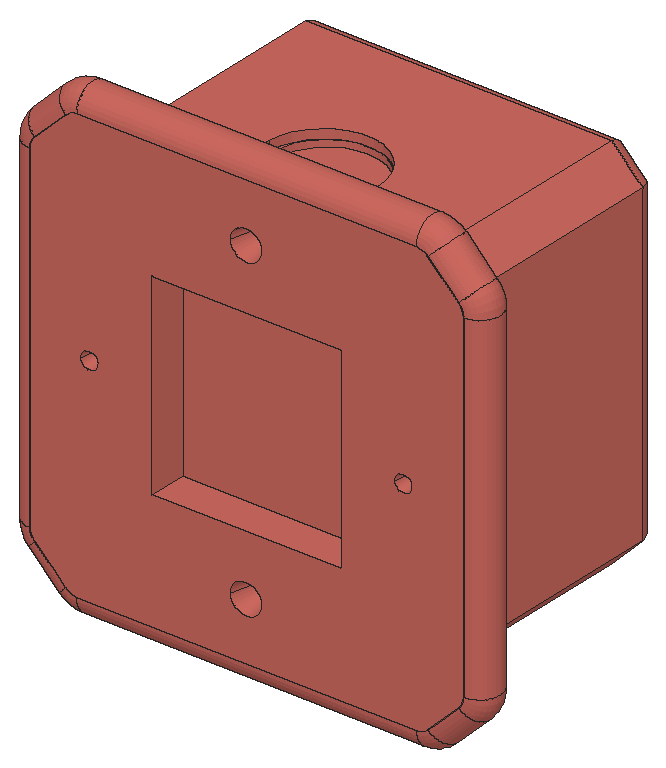
Revit family "Sirene Audiovisual SAVQE ILUMAC", category Dispositivos de alarme de incêndio, Revit 2022
Family settings
  Cota do conector redondo = Utilizar diâmetro
  Tipo de parte = Normal
  Número OmniClass = 23.75.00.00
  Título OmniClass = Climate Control (HVAC)
  Com base no plano de trabalho = Não
  Sempre na vertical = Sim
  Corte com vazios quando carregada = Não
  Manter orientação da anotação = Não
  Compartilhado = Não
  Ponto de cálculo do ambiente = Não
Parameters (values of type "SAVQE-G - SOBREPOR")
  Umidade relativa = "0 à 95% (sem condensação)"
  Tensão nominal = "24Vcc"
  Tensão de operação = "20 à 30Vcc"
  Temperatura de operação = "-5 à 55ºC"
  Sinalização visual = "4 leds | Pisca na cor vermelha"
  Sinalização sonora = "103dB @ 1m – bitonal"
  Secção máxima do cabo = "2,5mm²"
  Protocolo de comunicação = "CYGNUS (proprietário)"
  Peso = "200g"
  Normas técnicas aplicáveis = "NBR 17240 | ISO 7240-3 | ISO 7240-23"
  Modelo = "SAVQE-G – SOBREPOR"
  Material da caixa = "Caixa plástica ABS na cor vermelho"
  Grau de proteção = "IP20 (uso interno)"
  Fixação = "Sobrepor c/ entrada superior/inferior para tubo 3/4“"
  Família desenvolvida por = "BIMPREV | @bimprev | suporte@bimprev.com"
  Fabricante = "ILUMAC"
  Esc. Símbolo - 1/50-75 [instance] = yes
  Esc. Símbolo - 1/100-200 [instance] = yes
  Endereços utilizados = "1 endereço"
  Endereços programáveis = "001 a 125 (por laço)"
  Elevação padrão = 0 mm
  Dimensões (AxLxP) = "90x90x65mm"
  Descrição = "Sirene Audiovisual Endereçável Cygnus SAVQE-G de sobrepor"
  Código do Produto = "007038"
  Consumo do laço endereçável = ""
  Consumo da fonte auxiliar ou V+ = "20mA em alarme"
  Consumo = "300uA em supervisão | 1.2mA em alarme"
  Adaptador ADAPT-Q (com/sem) = yes
Types (4, lengths in mm): name | Tensão de operação | Protocolo de comunicação | Modelo | Fixação | Descrição | Código do Produto | Consumo do laço endereçável | Consumo | Adaptador ADAPT-Q (com/sem)
  SAVQE-D – SOBREPOR | "18 à 30Vcc" | "ALF-1000-2 (proprietário)" | "SAVQE-D – SOBREPOR" | "Sobrepor c/ entrada superior/inferior para tubo 3/4“" | "Sirene Audiovisual Endereçável Sirius SAVQE-D de sobrepor" | "0040261" | "300uA em supervisão | 1.2mA em alarme" | "" | no
  SAVQE-D – EMBUTIR | "18 à 30Vcc" | "ALF-1000-2 (proprietário)" | "SAVQE-D – EMBUTIR" | "Embutido c/ o uso do acessório ADAPT-Q" | "Sirene Audiovisual Endereçável Sirius SAVQE-D de embutir" | "0040262" | "300uA em supervisão | 1.2mA em alarme" | "" | yes
  SAVQE-G - EMBUTIR | "20 à 30Vcc" | "CYGNUS (proprietário)" | "SAVQE-G – EMBUTIR" | "Embutido c/ o uso do acessório ADAPT-Q" | "Sirene Audiovisual Endereçável Cygnus SAVQE-G de embutir" | "007039" | "" | "300uA em supervisão | 1.2mA em alarme" | yes
  SAVQE-G - SOBREPOR | "20 à 30Vcc" | "CYGNUS (proprietário)" | "SAVQE-G – SOBREPOR" | "Sobrepor c/ entrada superior/inferior para tubo 3/4“" | "Sirene Audiovisual Endereçável Cygnus SAVQE-G de sobrepor" | "007038" | "" | "300uA em supervisão | 1.2mA em alarme" | yes
Reference planes
  plane 1 "Centro (Frente/Trás)": y = 0
  plane 2: z = 0
  plane 3 "Centro (Esquerda/Direita)": x = 0
  plane 4: y = 14.353
Forms (mm)
  Extrusion 1, void
    sketch origin (-38.044, 0, 1.384) x (-1, 0, 0) y (0, -1, 0)
      loop
        line (-24.544, 0) -> (-51.544, 0) -> (-51.544, -14.013)
        arc (-51.544, -14.013) -> (-38.044, -27.513) -> (-24.544, -14.013) r 13.5
        line (-24.544, -14.013) -> (-24.544, 0)
    from -0.414 to 0.677
  Extrusion 2, void
    sketch origin (38.018, -0.563, 91.384) x (0, -1, 0) y (-1, 0, 0)
      loop
        line (0, 24.518) -> (0, 51.518) -> (-14.211, 51.518)
        arc (-14.211, 51.518) -> (-27.416, 38.018) -> (-14.211, 24.518) r 13.503
        line (-14.211, 24.518) -> (0, 24.518)
    from -1.476 to 0.727
  Extrusion 3, solid, material "Laminado, Branco", detail levels fine
    sketch origin (-14.559, 59.437, -0.179) x (1, 0, 0) y (0, 0, -1)
      loop
        line (53.048, -55.563) -> (51.278, -55.563) -> (51.278, -58.76) -> (47.634, -58.76) -> (47.634, -60.173) -> (51.278, -60.173) -> (51.278, -61.151) -> (47.634, -61.151) -> (47.634, -62.733) -> (53.048, -62.733) -> (53.048, -55.563)
      loop
        circle (50.732, -49.978) r 3.585
      loop
        circle (50.732, -49.978) r 2.496
      loop
        circle (50.732, -31.638) r 3.585
      loop
        circle (50.732, -31.638) r 2.496
      loop
        arc (47.425, -42.193) -> (53.716, -42.794) -> (50.732, -37.223) r 3.585
        spline (50.732, -37.223) -> (50.365, -37.229) -> (50.018, -37.248) -> (49.691, -37.278) -> (49.384, -37.321) -> (49.096, -37.376) -> (48.828, -37.442) -> (48.58, -37.522) -> (48.351, -37.613) -> (48.143, -37.716) -> (47.953, -37.832) -> (47.784, -37.96) -> (47.634, -38.1)
        line (47.634, -38.1) -> (47.634, -40.808) -> (49.965, -40.808) -> (49.965, -39.809)
        spline (49.965, -39.809) -> (49.702, -39.814) -> (49.474, -39.803) -> (49.279, -39.776) -> (49.119, -39.732) -> (48.993, -39.671) -> (48.901, -39.594) -> (48.842, -39.501) -> (48.819, -39.39) -> (48.829, -39.263) -> (48.873, -39.12) -> (48.951, -38.96) -> (49.064, -38.783)
        line (49.064, -38.783) -> (50.551, -38.319)
        arc (50.551, -38.319) -> (52.43, -41.639) -> (48.655, -42.193) r 2.312
        line (48.655, -42.193) -> (47.425, -42.193)
      loop
        line (-18.864, -55.563) -> (-20.634, -55.563) -> (-20.634, -58.76) -> (-24.277, -58.76) -> (-24.277, -60.173) -> (-20.634, -60.173) -> (-20.634, -61.151) -> (-24.277, -61.151) -> (-24.277, -62.733) -> (-18.864, -62.733) -> (-18.864, -55.563)
      loop
        circle (-21.18, -49.978) r 3.585
      loop
        circle (-21.18, -49.978) r 2.496
      loop
        circle (-21.18, -31.638) r 3.585
      loop
        circle (-21.18, -31.638) r 2.496
      loop
        arc (-24.487, -42.193) -> (-18.195, -42.794) -> (-21.18, -37.223) r 3.585
        spline (-21.18, -37.223) -> (-21.547, -37.229) -> (-21.894, -37.248) -> (-22.221, -37.278) -> (-22.528, -37.321) -> (-22.816, -37.376) -> (-23.084, -37.442) -> (-23.332, -37.522) -> (-23.56, -37.613) -> (-23.769, -37.716) -> (-23.958, -37.832) -> (-24.128, -37.96) -> (-24.277, -38.1)
        line (-24.277, -38.1) -> (-24.277, -40.808) -> (-21.947, -40.808) -> (-21.947, -39.809)
        spline (-21.947, -39.809) -> (-22.21, -39.814) -> (-22.438, -39.803) -> (-22.633, -39.776) -> (-22.793, -39.732) -> (-22.919, -39.671) -> (-23.011, -39.594) -> (-23.069, -39.501) -> (-23.093, -39.39) -> (-23.083, -39.263) -> (-23.039, -39.12) -> (-22.961, -38.96) -> (-22.848, -38.783)
        line (-22.848, -38.783) -> (-21.361, -38.319)
        arc (-21.361, -38.319) -> (-19.482, -41.639) -> (-23.256, -42.193) r 2.312
        line (-23.256, -42.193) -> (-24.487, -42.193)
    from 0 to 1
  Extrusion 4, solid, material "Laminado, Branco", detail levels fine
    sketch origin (-0.313, 61.437, 54.83) x (0, 0, -1) y (-1, 0, 0)
      loop
        spline (-10.835, -10.668) -> (-7.618, -11.531) -> (-4.563, -12.027) -> (-1.664, -12.173) -> (1.084, -11.985) -> (3.683, -11.479) -> (6.14, -10.672) -> (8.459, -9.579) -> (10.645, -8.217) -> (12.701, -6.603) -> (14.633, -4.751) -> (16.446, -2.679) -> (18.143, -0.403)
        spline (18.143, -0.403) -> (16.45, 1.867) -> (14.642, 3.934) -> (12.715, 5.78) -> (10.664, 7.391) -> (8.484, 8.749) -> (6.172, 9.839) -> (3.721, 10.644) -> (1.128, 11.149) -> (-1.612, 11.336) -> (-4.504, 11.191) -> (-7.551, 10.696) -> (-10.76, 9.836)
        spline (-10.76, 9.836) -> (-10.897, 8.127) -> (-11.011, 6.418) -> (-11.101, 4.71) -> (-11.167, 3.001) -> (-11.209, 1.292) -> (-11.227, -0.416) -> (-11.222, -2.125) -> (-11.192, -3.834) -> (-11.139, -5.542) -> (-11.061, -7.251) -> (-10.96, -8.959) -> (-10.835, -10.668)
      loop
        circle (-4.732, 0.384) r 4.161
      loop
        circle (-4.654, 0.384) r 3.307
      loop
        spline (-9.584, -9.744) -> (-6.603, -10.562) -> (-3.789, -11.035) -> (-1.136, -11.184) -> (1.367, -11.028) -> (3.728, -10.584) -> (5.957, -9.867) -> (8.064, -8.888) -> (10.058, -7.658) -> (11.949, -6.189) -> (13.739, -4.493) -> (15.43, -2.583) -> (17.025, -0.47)
        spline (17.025, -0.47) -> (15.406, 1.578) -> (13.695, 3.431) -> (11.889, 5.078) -> (9.988, 6.508) -> (7.988, 7.709) -> (5.88, 8.671) -> (3.656, 9.384) -> (1.306, 9.837) -> (-1.178, 10.018) -> (-3.805, 9.911) -> (-6.581, 9.498) -> (-9.516, 8.762)
        spline (-9.516, 8.762) -> (-9.64, 7.22) -> (-9.743, 5.678) -> (-9.824, 4.136) -> (-9.883, 2.594) -> (-9.921, 1.051) -> (-9.938, -0.491) -> (-9.932, -2.033) -> (-9.906, -3.575) -> (-9.858, -5.117) -> (-9.788, -6.659) -> (-9.697, -8.201) -> (-9.584, -9.744)
      loop
        line (-0.652, 6.725) -> (-1.206, 4.912) -> (-0.002, 4.589) -> (-0.002, -5.556)
        spline (-0.002, -5.556) -> (0.713, -5.041) -> (1.222, -4.85) -> (1.615, -4.805) -> (2.076, -4.835) -> (2.701, -4.9) -> (3.464, -5.009) -> (4.325, -5.176) -> (5.25, -5.406) -> (6.249, -5.648) -> (7.359, -5.812) -> (8.613, -5.811) -> (10.048, -5.556)
        spline (10.048, -5.556) -> (10.562, -5.39) -> (11.069, -5.17) -> (11.567, -4.899) -> (12.057, -4.577) -> (12.538, -4.207) -> (13.01, -3.789) -> (13.471, -3.326) -> (13.922, -2.819) -> (14.361, -2.27) -> (14.788, -1.68) -> (15.204, -1.05) -> (15.606, -0.383)
        spline (15.606, -0.383) -> (14.678, 0.998) -> (13.685, 2.255) -> (12.626, 3.383) -> (11.499, 4.375) -> (10.303, 5.226) -> (9.031, 5.93) -> (7.674, 6.483) -> (6.225, 6.879) -> (4.675, 7.113) -> (3.017, 7.173) -> (1.244, 7.048) -> (-0.652, 6.725)
      loop
        spline (1.469, -3.781) -> (2.345, -3.697) -> (3.147, -3.727) -> (3.874, -3.834) -> (4.525, -3.981) -> (5.107, -4.138) -> (5.643, -4.296) -> (6.164, -4.446) -> (6.695, -4.582) -> (7.271, -4.692) -> (7.951, -4.752) -> (8.802, -4.728) -> (9.894, -4.59)
        spline (9.894, -4.59) -> (10.122, -4.585) -> (10.339, -4.558) -> (10.545, -4.509) -> (10.74, -4.438) -> (10.925, -4.345) -> (11.098, -4.229) -> (11.261, -4.091) -> (11.413, -3.931) -> (11.554, -3.749) -> (11.684, -3.545) -> (11.803, -3.318) -> (11.911, -3.069)
        line (11.911, -3.069) -> (11.778, 2.929)
        arc (11.778, 2.929) -> (10.568, 3.311) -> (9.947, 2.203) r 1.006
        arc (9.947, 2.203) -> (8.779, 1.555) -> (7.445, 1.493) r 2.929
        line (7.445, 1.493) -> (2.711, 2.369)
        arc (2.711, 2.369) -> (1.848, 2.144) -> (1.469, 1.336) r 1.051
        line (1.469, 1.336) -> (1.469, -3.781)
    from 0 to 1
  Extrusion 5, solid, material "vidro vermelho", detail levels fine
    sketch origin (29.831, 145.344, 6.607) x (0, 1, 0) y (0, 0, -1)
      loop
        line (-100.417, -17.113) -> (-83.567, -17.113) -> (-77.609, -9.352)
        arc (-77.609, -9.352) -> (-76.65, -6.511) -> (-77.94, -3.804) r 3.99
        line (-77.94, -3.804) -> (-85.369, 2.431)
        arc (-85.369, 2.431) -> (-88.888, 5.501) -> (-93.424, 6.607) r 9.858
        line (-93.424, 6.607) -> (-100.417, 6.607) -> (-100.417, -17.113)
    from -1.893 to 61.925
  Extrusion 6, void
    sketch origin (0, 54.815, 46.384) x (-1, 0, 0) y (0, 0, -1)
      loop
        line (-29.831, 25.98) -> (30.114, 25.98) -> (30.114, 46.384) -> (-29.831, 46.384) -> (-29.831, 25.98)
    from 0 to 17.341
  Sweep 7, solid, material "ABS PLASTICO", detail levels fine
    path origin (-0.006, 60, 47.915) x (1, 0, 0) y (0, 0, -1)
      loop
        line (37.012, 47) -> (-37, 47) -> (-45, 39) -> (-45, -37) -> (-37, -45) -> (37.012, -45) -> (44.642, -37.37) -> (44.642, 39.37) -> (37.012, 47)
    profile origin (0, 60, 0.914) x (0, 0, 1) y (0, 1, 0)
      loop
        line (12.912, -0.563) -> (6.245, -0.563)
        arc (6.245, -0.563) -> (2.205, -2.033) -> (0.055, -5.756) r 6.285
        line (0.055, -5.756) -> (0.055, -60) -> (12.912, -60) -> (12.912, -0.563)
  Sweep 8, solid, material "ABS PLASTICO", detail levels fine
    path origin (-0.006, 60, 47.915) x (1, 0, 0) y (0, 0, -1)
      loop
        line (-25.765, -22.088) -> (25.777, -22.088) -> (25.777, 15.853) -> (-25.765, 15.853) -> (-25.765, -22.088)
    profile origin (0, 60, 70.003) x (0, 0, -1) y (0, 1, 0)
      loop
        line (5.055, 0.8) -> (3.055, 0.8)
        arc (3.055, 0.8) -> (0.934, -0.079) -> (0.055, -2.2) r 3
        line (0.055, -2.2) -> (0.055, -3.611)
        arc (0.055, -3.611) -> (0.934, -5.732) -> (3.055, -6.611) r 3
        line (3.055, -6.611) -> (5.055, -6.611) -> (5.055, 0.8)
  Extrusion 9, void
    sketch origin (-20.716, 53.389, 64.948) x (-1, 0, 0) y (0, 0, 1)
      loop
        line (5, 5) -> (2, 5)
        arc (2, 5) -> (4.121, 4.121) -> (5, 2) r 3
        line (5, 2) -> (5, 5)
      loop
        line (-46.432, 5) -> (-46.432, 2)
        arc (-46.432, 2) -> (-45.553, 4.121) -> (-43.432, 5) r 3
        line (-43.432, 5) -> (-46.432, 5)
      loop
        line (5, -32.83) -> (5, -29.83)
        arc (5, -29.83) -> (4.121, -31.952) -> (2, -32.83) r 3
        line (2, -32.83) -> (5, -32.83)
      loop
        line (-46.432, -32.83) -> (-43.432, -32.83)
        arc (-43.432, -32.83) -> (-45.553, -31.952) -> (-46.432, -29.83) r 3
        line (-46.432, -29.83) -> (-46.432, -32.83)
    from -2.393 to 10
  Extrusion 10, solid, material "ABS PLASTICO", detail levels fine
    sketch origin (-20.716, 53.389, 64.948) x (1, 0, 0) y (0, 0, 1)
      loop
        line (41.432, 0) -> (0, 0) -> (0, -27.83) -> (41.432, -27.83) -> (41.432, 0)
    from -7.41 to 0
  Sweep 11, solid, material "ABS PLASTICO", detail levels fine
    path origin (-0.006, 58.637, 47.915) x (1, 0, 0) y (0, 0, -1)
      loop
        line (-32.088, -28.088) -> (31.73, -28.088) -> (31.73, 21.811) -> (-32.088, 21.811) -> (-32.088, -28.088)
    profile origin (-0.185, 58.637, 76.003) x (0, 0, -1) y (0, 1, 0)
      loop
        line (0.055, -6.611) -> (4.116, -6.611) -> (4.116, -2.2)
        arc (4.116, -2.2) -> (3.237, -0.079) -> (1.116, 0.8) r 3
        line (1.116, 0.8) -> (0.055, 0.8) -> (0.055, -6.611)
  Extrusion 12, solid, material "ABS PLASTICO", detail levels fine
    sketch origin (-0.618, -0.563, 45.886) x (-1, 0, 0) y (0, 0, 1)
      loop
        line (-32.342, 34.116) -> (-32.342, -32.06) -> (31.476, -32.06) -> (31.476, 34.116) -> (-32.342, 34.116)
    from 0 to 52.59
  Extrusion 13, solid, material "ABS PLASTICO", detail levels fine
    sketch origin (-0.618, 52.027, 45.886) x (-1, 0, 0) y (0, 0, 1)
      loop
        line (-32.276, 34.116) -> (-32.276, 30.061) -> (31.476, 30.061) -> (31.476, 34.116) -> (-32.276, 34.116)
      loop
        line (-32.342, -19.728) -> (-32.342, -32.06) -> (-30.449, -32.06) -> (29.497, -32.06) -> (31.476, -32.06) -> (31.476, -19.728) -> (-32.342, -19.728)
    from 0 to 7.41
  Extrusion 14, void
    sketch origin (0, 0, 0) x (1, 0, 0) y (0, 1, 0)
      loop
        circle (0, 14.353) r 12.5
    from 89 to 90.656
  Extrusion 15, void
    sketch origin (0, 0, 93.829) x (0, -1, 0) y (1, 0, 0)
      loop
        circle (-14.353, 0) r 12.5
    from -91.769 to -90.847
Cuts and joins
  Extrusion 1, Extrusion 2, Extrusion 14, Extrusion 15 cuts Sweep 7
  Extrusion 14 cuts Extrusion 12
  Extrusion 9 cuts Sweep 8
Lines and regions (mm)
  model lines, style "INCÊNDIO", detail levels coarse+medium
    curve 1: line (68.18, 14.353, 0) -> (-68.18, 14.353, 0)
    curve 2: line (-68.18, 14.353, 0) -> (-38.078, 14.353, 82.705)
    curve 3: line (68.18, 14.353, 0) -> (38.078, 14.353, 82.705)
    curve 4: line (38.078, 14.353, 82.705) -> (-38.078, 14.353, 82.705)
    curve 5: line (41.263, 14.353, 51.352) -> (16.263, 14.353, 51.352)
    curve 6: line (41.263, 14.353, 26.352) -> (41.263, 14.353, 51.352)
    curve 7: line (16.263, 14.353, 26.352) -> (41.263, 14.353, 26.352)
    curve 8: line (16.263, 14.353, 51.352) -> (16.263, 14.353, 26.352)
    curve 9: line (16.263, 14.353, 38.852) -> (-5.387, 14.353, 51.352)
    curve 10: line (16.263, 14.353, 38.852) -> (-5.387, 14.353, 26.352)
    curve 11: line (-5.387, 14.353, 26.352) -> (-5.387, 14.353, 51.352)
    curve 12: line (-16.183, 14.353, 8.852) -> (-35.871, 14.353, 8.852)
    curve 13: line (-16.183, 14.353, 53.852) -> (-16.183, 14.353, 8.852)
    curve 14: line (-35.871, 14.353, 53.852) -> (-16.183, 14.353, 53.852)
    curve 15: line (-35.871, 14.353, 8.852) -> (-35.871, 14.353, 53.852)
    curve 16: circle (-26.027, 14.353, 63.696) r 9.844 normal (0, -1, 0)
  model lines, style "INCÊNDIO", not visible, detail levels coarse+medium
    curve 17: line (-71.469, 14.353, -38.852) -> (-207.829, 14.353, -38.852)
    curve 18: line (-207.829, 14.353, -38.852) -> (-177.727, 14.353, 43.852)
    curve 19: line (-71.469, 14.353, -38.852) -> (-101.571, 14.353, 43.852)
    curve 20: line (-101.571, 14.353, 43.852) -> (-177.727, 14.353, 43.852)
    curve 21: line (-98.386, 14.353, 12.5) -> (-123.386, 14.353, 12.5)
    curve 22: line (-98.386, 14.353, -12.5) -> (-98.386, 14.353, 12.5)
    curve 23: line (-123.386, 14.353, -12.5) -> (-98.386, 14.353, -12.5)
    curve 24: line (-123.386, 14.353, 12.5) -> (-123.386, 14.353, -12.5)
    curve 25: line (-123.386, 14.353, 0) -> (-145.037, 14.353, 12.5)
    curve 26: line (-123.386, 14.353, 0) -> (-145.037, 14.353, -12.5)
    curve 27: line (-145.037, 14.353, -12.5) -> (-145.037, 14.353, 12.5)
    curve 28: line (-155.832, 14.353, -30) -> (-175.52, 14.353, -30)
    curve 29: line (-155.832, 14.353, 15) -> (-155.832, 14.353, -30)
    curve 30: line (-175.52, 14.353, 15) -> (-155.832, 14.353, 15)
    curve 31: line (-175.52, 14.353, -30) -> (-175.52, 14.353, 15)
    curve 32: circle (-165.676, 14.353, 24.844) r 9.844 normal (0, -1, 0)
Dimensions and locks
  aligned and locked: level to plane 2
Nested families
  nested 1: "Anotação Avisador audiovisual 1-50" at (0, -0.563, 0), visible <- "Esc. Símbolo - 1/50-75", type "Anotação Avisador audiovisual 1-50", detail levels coarse+medium
    with Esc. Símbolo - 1/50~75 yes, Desloc. Frente 0 mm, Desloc. Esquerda 0 mm
  nested 2: "Anotação Avisador audiovisual 1-100" at (0, 0, 0), visible <- "Esc. Símbolo - 1/100-200", type "Anotação Avisador audiovisual 1-100", detail levels coarse+medium
    with Esc. Símbolo - 1/100~200 yes, Desloc. Frente 0 mm, Desloc. Esquerda 0.009 mm
  nested 3: "Adaptador ADAPT-Q" at (0, -10, -814.599), visible <- "Adaptador ADAPT-Q (com/sem)", type "ADAPT-Q", detail levels fine
Connectors
  cabletrayconduit at (0, 14.353, 2.982), diameter 25
    settings: on cut or joined group of Extrusion 1, Extrusion 2, Sweep 7, Extrusion 14, Extrusion 15, index 1, connector width 300 mm, connector height 300 mm, connector angle 0.00°, system type 32, placement type 0, profile type 0, connector reference index -1, is primary connector yes, connector utility param no, connector description ""
  cabletrayconduit at (0, 14.353, 89), diameter 25
    settings: on cut or joined group of Extrusion 1, Extrusion 2, Sweep 7, Extrusion 14, Extrusion 15, index 2, connector width 300 mm, connector height 300 mm, connector angle 0.00°, system type 32, placement type 0, profile type 0, connector reference index -1, is primary connector no, connector utility param no, connector description ""
Definition of nested family "Adaptador ADAPT-Q"
  Parameters (values of type "ADAPT-Q")
    Default Elevation = 0 mm
  Reference planes
    plane 1 "Centro (Frente/Trás)": y = 0
    plane 2: z = 0
    plane 3 "Centro (Esquerda/Direita)": x = 0
  Forms (mm)
    Sweep 1, solid
      path origin (1917.596, 10, 0) x (1, 0, 0) y (0, 0, 1)
        loop
          arc (-1958.794, 919.013) -> (-1962.18, 918.34) -> (-1965.05, 916.422) r 8.846
          line (-1965.05, 916.422) -> (-1972.505, 908.967)
          arc (-1972.505, 908.967) -> (-1974.423, 906.097) -> (-1975.096, 902.712) r 8.846
          line (-1975.096, 902.712) -> (-1975.096, 820.315)
          arc (-1975.096, 820.315) -> (-1974.423, 816.93) -> (-1972.505, 814.06) r 8.846
          line (-1972.505, 814.06) -> (-1965.05, 806.604)
          arc (-1965.05, 806.604) -> (-1962.18, 804.687) -> (-1958.794, 804.013) r 8.846
          line (-1958.794, 804.013) -> (-1876.398, 804.013)
          arc (-1876.398, 804.013) -> (-1873.012, 804.687) -> (-1870.142, 806.604) r 8.846
          line (-1870.142, 806.604) -> (-1862.687, 814.06)
          arc (-1862.687, 814.06) -> (-1860.769, 816.93) -> (-1860.096, 820.315) r 8.846
          line (-1860.096, 820.315) -> (-1860.096, 902.712)
          arc (-1860.096, 902.712) -> (-1860.769, 906.097) -> (-1862.687, 908.967) r 8.846
          line (-1862.687, 908.967) -> (-1870.142, 916.422)
          arc (-1870.142, 916.422) -> (-1873.012, 918.34) -> (-1876.398, 919.013) r 8.846
          line (-1876.398, 919.013) -> (-1958.794, 919.013)
      profile origin (0, 10, 919.013) x (0, 0, 1) y (0, -1, 0)
        loop
          arc (-4.988, 0) -> (0.012, 5) -> (-4.988, 10) r 5
          line (-4.988, 10) -> (-4.988, 0)
    Extrusion 2, solid
      sketch origin (1917.596, 10, 0) x (1, 0, 0) y (0, 0, 1)
        loop
          arc (-1865.084, 902.712) -> (-1865.378, 904.188) -> (-1866.214, 905.44) r 3.858
          line (-1866.214, 905.44) -> (-1873.67, 912.895)
          arc (-1873.67, 912.895) -> (-1874.921, 913.732) -> (-1876.398, 914.025) r 3.858
          line (-1876.398, 914.025) -> (-1958.794, 914.025)
          arc (-1958.794, 914.025) -> (-1960.271, 913.732) -> (-1961.523, 912.895) r 3.858
          line (-1961.523, 912.895) -> (-1968.978, 905.44)
          arc (-1968.978, 905.44) -> (-1969.814, 904.188) -> (-1970.108, 902.712) r 3.858
          line (-1970.108, 902.712) -> (-1970.108, 820.315)
          arc (-1970.108, 820.315) -> (-1969.814, 818.838) -> (-1968.978, 817.587) r 3.858
          line (-1968.978, 817.587) -> (-1961.523, 810.131)
          arc (-1961.523, 810.131) -> (-1960.271, 809.295) -> (-1958.794, 809.001) r 3.858
          line (-1958.794, 809.001) -> (-1876.398, 809.001)
          arc (-1876.398, 809.001) -> (-1874.921, 809.295) -> (-1873.67, 810.131) r 3.858
          line (-1873.67, 810.131) -> (-1866.214, 817.587)
          arc (-1866.214, 817.587) -> (-1865.378, 818.838) -> (-1865.084, 820.315) r 3.858
          line (-1865.084, 820.315) -> (-1865.084, 902.712)
      from 0 to 10
    Blend 3, void
      base sketch origin (1917.596, 10, 0) x (1, 0, 0) y (0, 0, 1)
        loop
          circle (-1917.63, 823.106) r 3.771
      top sketch origin (1917.596, 10, 0) x (1, 0, 0) y (0, 0, 1)
        loop
          circle (-1917.63, 823.106) r 1.604
      from 10 to 0
    Blend 4, void
      base sketch origin (1917.596, 10, 1723.027) x (1, 0, 0) y (0, 0, 1)
        loop
          circle (-1917.63, -823.106) r 3.771
      top sketch origin (1917.596, 10, 1723.027) x (1, 0, 0) y (0, 0, 1)
        loop
          circle (-1917.63, -823.106) r 1.604
      from 10 to 0
    Blend 5, void
      base sketch origin (1917.596, 10, 0) x (1, 0, 0) y (0, 0, 1)
        loop
          circle (-1879.565, 861.513) r 2.101
      top sketch origin (1917.596, 10, 0) x (1, 0, 0) y (0, 0, 1)
        loop
          circle (-1879.565, 861.513) r 0.817
      from 10 to 0
    Blend 6, void
      base sketch origin (-1917.596, 10, 0) x (-1, 0, 0) y (0, 0, -1)
        loop
          circle (-1879.565, -861.513) r 2.101
      top sketch origin (-1917.596, 10, 0) x (-1, 0, 0) y (0, 0, -1)
        loop
          circle (-1879.565, -861.513) r 0.817
      from 10 to 0
    Extrusion 7, void
      sketch origin (1917.596, 10, 0) x (1, 0, 0) y (0, 0, 1)
        loop
          line (-1894.6, 885.307) -> (-1940.592, 885.307) -> (-1940.592, 837.719) -> (-1894.6, 837.719) -> (-1894.6, 885.307)
      from 0 to 10
  Cuts and joins
    Blend 3, Blend 4, Blend 5, Blend 6, Extrusion 7 cuts Extrusion 2
    Blend 3 cuts Sweep 1
  Dimensions and locks
    aligned and locked: level to plane 2
Definition of nested family "Anotação Avisador audiovisual 1-50"
  Parameters (values of type "Anotação Avisador audiovisual 1-50")
    Esc. Símbolo - 1/50~75 [instance] = yes
    Desloc. Frente [instance] = 0 mm
    Desloc. Esquerda [instance] = 0 mm
  Reference planes
    plane 1: y = 0
    plane 2: x = 0
  Lines and regions (mm)
    Filled region 1, type "Região preenchida Incêndio"
      outline origin (0, 0, 0) x (1, 0, 0) y (0, 1, 0)
        loop
          line (1.585, 4.407) -> (1.585, 1.424) -> (2.768, 1.424) -> (2.768, 4.407) -> (1.585, 4.407)
    Filled region 2, type "Região preenchida Incêndio", not visible
      outline origin (0, 0, 0) x (1, 0, 0) y (0, 1, 0)
        loop
          line (1.897, 4.407) -> (1.897, 1.424) -> (3.081, 1.424) -> (3.081, 4.407) -> (1.897, 4.407)
    Masking region 1
      outline origin (0, 0, 0) x (1, 0, 0) y (0, 1, 0)
        loop
          line (-4.982, 0) -> (5.018, 0) -> (3.207, 7) -> (-3.207, 7) -> (-4.982, 0)
    detail lines
      curve 1: line (-4.982, 0, 0) -> (5.018, 0, 0)
      curve 2: line (-4.982, 0, 0) -> (-3.207, 7, 0)
      curve 3: line (5.018, 0, 0) -> (3.207, 7, 0)
      curve 4: line (-3.207, 7, 0) -> (3.207, 7, 0)
      curve 5: line (-2.968, 2.407, 0) -> (-2.968, 4.407, 0)
      curve 6: line (-2.968, 4.407, 0) -> (-0.968, 4.407, 0)
      curve 7: line (-0.968, 4.407, 0) -> (-0.968, 2.407, 0)
      curve 8: line (-0.968, 2.407, 0) -> (-2.968, 2.407, 0)
      curve 9: line (-0.968, 3.407, 0) -> (0.266, 4.407, 0)
      curve 10: line (0.266, 4.407, 0) -> (0.266, 2.407, 0)
      curve 11: line (0.266, 2.407, 0) -> (-0.968, 3.393, 0)
      curve 12: line (1.585, 1.424, 0) -> (2.768, 1.424, 0)
      curve 13: line (2.768, 1.424, 0) -> (2.768, 4.407, 0)
      curve 14: line (2.768, 4.407, 0) -> (1.585, 4.407, 0)
      curve 15: line (1.585, 4.407, 0) -> (1.585, 1.424, 0)
      curve 16: circle (2.163, 4.905, 0) r 0.5 normal (0, 0, 1)
    detail lines, not visible
      curve 17: line (0, 0.818, 0) -> (0, 0, 0)
      curve 18: line (-4.669, 0, 0) -> (5.331, 0, 0)
      curve 19: line (-4.669, 0, 0) -> (-2.894, 7, 0)
      curve 20: line (5.331, 0, 0) -> (3.519, 7, 0)
      curve 21: line (-2.894, 7, 0) -> (3.519, 7, 0)
      curve 22: line (-2.655, 2.407, 0) -> (-2.655, 4.407, 0)
      curve 23: line (-2.655, 4.407, 0) -> (-0.655, 4.407, 0)
      curve 24: line (-0.655, 4.407, 0) -> (-0.655, 2.407, 0)
      curve 25: line (-0.655, 2.407, 0) -> (-2.655, 2.407, 0)
      curve 26: line (-0.655, 3.407, 0) -> (0.579, 4.407, 0)
      curve 27: line (0.579, 4.407, 0) -> (0.579, 2.407, 0)
      curve 28: line (0.579, 2.407, 0) -> (-0.655, 3.393, 0)
      curve 29: line (1.897, 1.424, 0) -> (3.081, 1.424, 0)
      curve 30: line (3.081, 1.424, 0) -> (3.081, 4.407, 0)
      curve 31: line (3.081, 4.407, 0) -> (1.897, 4.407, 0)
      curve 32: line (1.897, 4.407, 0) -> (1.897, 1.424, 0)
      curve 33: circle (2.476, 4.905, 0) r 0.5 normal (0, 0, 1)
      curve 34: line (0.312, 0.818, 0) -> (0.312, 0, 0)
  Dimensions and locks
    "Desloc. Esquerda": curve 17 to plane 2
    "Desloc. Frente": plane 1 to curve 1
  Automatic sketch dimensions
    Filled region 1 sketch curve to Filled region 1 sketch curve = 1.183 mm
    Filled region 1 sketch curve to Filled region 1 sketch curve = 2.982 mm
    Filled region 2 sketch curve to Filled region 2 sketch curve = 1.183 mm
    Filled region 2 sketch curve to Filled region 2 sketch curve = 2.982 mm
    plane 1 to curve 1 = 0 mm
    curve 17 to plane 2 = 0 mm
    curve 16 to plane 1 = 4.905 mm
    curve 9 to plane 2 = 0.968 mm
    curve 6 to curve 6 = 2 mm
    curve 4 to curve 5 = 0.239 mm
    curve 1 to curve 5 = 2.014 mm
    plane 2 to curve 9 = 0.266 mm
    curve 14 to curve 16 = 0.578 mm
    plane 2 to curve 15 = 1.585 mm
    curve 16 to curve 14 = 0.605 mm
    curve 16 to curve 3 = 1.044 mm
    curve 12 to curve 3 = 2.25 mm
    curve 17 to plane 1 = 0.818 mm
    curve 15 to plane 1 = 1.424 mm
    curve 5 to plane 1 = 2.407 mm
    curve 17 to curve 10 = 1.589 mm
    curve 7 to curve 11 = 0.986 mm
    curve 11 to curve 9 = 0.014 mm
    curve 9 to curve 10 = 1 mm
    curve 15 to curve 16 = 0.498 mm
    curve 9 to curve 7 = 1 mm
    curve 16 to curve 4 = 2.095 mm
    plane 2 to Filled region 1 sketch curve = 1.585 mm
    Filled region 1 sketch curve to plane 1 = 1.424 mm
    Masking region 1 sketch curve to plane 2 = 3.207 mm
    Masking region 1 sketch curve to plane 1 = 7 mm
    Masking region 1 sketch curve to plane 2 = 4.982 mm
    plane 2 to Masking region 1 sketch curve = 3.207 mm
    plane 1 to Masking region 1 sketch curve = 0 mm
    plane 2 to Masking region 1 sketch curve = 5.018 mm
    radius of curve 16 = 0.5 mm
Definition of nested family "Anotação Avisador audiovisual 1-100"
  Parameters (values of type "Anotação Avisador audiovisual 1-100")
    Esc. Símbolo - 1/100~200 [instance] = yes
    Desloc. Frente [instance] = 0 mm
    Desloc. Esquerda [instance] = 0.009 mm
  Reference planes
    plane 1: y = 0
    plane 2: x = 0
  Lines and regions (mm)
    Filled region 1, type "Região preenchida Incêndio"
      outline origin (-1.002, -2.004, 0) x (1, 0, 0) y (0, 1, 0)
        loop
          line (1.585, 4.407) -> (1.585, 2.907) -> (2.388, 2.907) -> (2.388, 4.407) -> (1.585, 4.407)
    Filled region 2, type "Região preenchida Incêndio", not visible
      outline origin (-1.002, -2.004, 0) x (1, 0, 0) y (0, 1, 0)
        loop
          line (1.897, 4.407) -> (1.897, 2.907) -> (2.701, 2.907) -> (2.701, 4.407) -> (1.897, 4.407)
    Masking region 1
      outline origin (0, 0, 0) x (1, 0, 0) y (0, 1, 0)
        loop
          line (-2.491, 0) -> (2.491, 0) -> (1.588, 3.487) -> (-1.607, 3.487) -> (-2.491, 0)
    detail lines
      curve 1: line (-2.491, 0, 0) -> (2.491, 0, 0)
      curve 2: line (-2.491, 0, 0) -> (-1.607, 3.487, 0)
      curve 3: line (2.491, 0, 0) -> (1.588, 3.487, 0)
      curve 4: line (-1.607, 3.487, 0) -> (1.588, 3.487, 0)
      curve 5: line (-1.488, 1.199, 0) -> (-1.488, 2.195, 0)
      curve 6: line (-1.488, 2.195, 0) -> (-0.491, 2.195, 0)
      curve 7: line (-0.491, 2.195, 0) -> (-0.491, 1.199, 0)
      curve 8: line (-0.491, 1.199, 0) -> (-1.488, 1.199, 0)
      curve 9: line (-0.491, 1.697, 0) -> (0.123, 2.195, 0)
      curve 10: line (0.123, 2.195, 0) -> (0.123, 1.199, 0)
      curve 11: line (0.123, 1.199, 0) -> (-0.491, 1.69, 0)
      curve 12: line (0.583, 0.903, 0) -> (1.383, 0.903, 0)
      curve 13: line (1.383, 0.903, 0) -> (1.383, 2.403, 0)
      curve 14: line (1.383, 2.403, 0) -> (0.583, 2.403, 0)
      curve 15: line (0.583, 2.403, 0) -> (0.583, 0.903, 0)
      curve 16: circle (0.985, 2.703, 0) r 0.3 normal (0, 0, 1)
    detail lines, not visible
      curve 17: line (-0.009, 0.407, 0) -> (-0.009, 0, 0)
      curve 18: line (-2.178, 0, 0) -> (2.803, 0, 0)
      curve 19: line (-2.178, 0, 0) -> (-1.294, 3.487, 0)
      curve 20: line (2.803, 0, 0) -> (1.901, 3.487, 0)
      curve 21: line (-1.294, 3.487, 0) -> (1.901, 3.487, 0)
      curve 22: line (-1.175, 1.199, 0) -> (-1.175, 2.195, 0)
      curve 23: line (-1.175, 2.195, 0) -> (-0.179, 2.195, 0)
      curve 24: line (-0.179, 2.195, 0) -> (-0.179, 1.199, 0)
      curve 25: line (-0.179, 1.199, 0) -> (-1.175, 1.199, 0)
      curve 26: line (-0.179, 1.697, 0) -> (0.436, 2.195, 0)
      curve 27: line (0.436, 2.195, 0) -> (0.436, 1.199, 0)
      curve 28: line (0.436, 1.199, 0) -> (-0.179, 1.69, 0)
      curve 29: line (0.895, 0.903, 0) -> (1.695, 0.903, 0)
      curve 30: line (1.695, 0.903, 0) -> (1.695, 2.403, 0)
      curve 31: line (1.695, 2.403, 0) -> (0.895, 2.403, 0)
      curve 32: line (0.895, 2.403, 0) -> (0.895, 0.903, 0)
      curve 33: circle (1.297, 2.703, 0) r 0.3 normal (0, 0, 1)
      curve 34: line (0.303, 0.407, 0) -> (0.303, 0, 0)
  Dimensions and locks
    "Desloc. Esquerda": curve 17 to plane 2
    "Desloc. Frente": plane 1 to curve 1
  Automatic sketch dimensions
    Filled region 1 sketch curve to Filled region 1 sketch curve = 0.804 mm
    Filled region 1 sketch curve to Filled region 1 sketch curve = 1.5 mm
    curve 1 to curve 2 = 3.597 mm
    curve 1 to curve 8 = 1.563 mm
    curve 5 to curve 8 = 0.996 mm
    curve 6 to curve 9 = 0.615 mm
    curve 9 to curve 14 = 0.504 mm
    curve 14 to curve 16 = 0.501 mm
    curve 16 to curve 14 = 0.499 mm
    curve 16 to curve 3 = 0.99 mm
    curve 12 to curve 3 = 1.429 mm
    curve 17 to curve 15 = 1.08 mm
    curve 1 to curve 5 = 1.563 mm
    curve 12 to curve 10 = 0.547 mm
    curve 10 to curve 9 = 0.996 mm
    curve 5 to curve 5 = 0.996 mm
    curve 9 to curve 15 = 0.504 mm
    curve 13 to curve 16 = 0.499 mm
    curve 16 to curve 4 = 0.99 mm
    curve 17 to curve 12 = 0.772 mm
    curve 17 to curve 17 = 0.407 mm
    curve 7 to curve 11 = 0.491 mm  (x2)
    curve 11 to curve 9 = 0.007 mm  (x2)
    Filled region 2 sketch curve to Filled region 2 sketch curve = 0.804 mm
    Filled region 2 sketch curve to Filled region 2 sketch curve = 1.5 mm
    curve 18 to curve 19 = 0.884 mm
    curve 18 to curve 25 = 1.003 mm
    curve 22 to curve 25 = 0.996 mm
    curve 23 to curve 26 = 0.615 mm
    curve 26 to curve 31 = 0.459 mm
    curve 31 to curve 33 = 0.402 mm
    curve 33 to curve 31 = 0.398 mm
    curve 33 to curve 20 = 0.604 mm
    curve 29 to curve 20 = 1.108 mm
    curve 34 to curve 32 = 0.903 mm
    curve 18 to curve 22 = 1.199 mm
    curve 29 to curve 27 = 0.296 mm
    curve 27 to curve 26 = 0.996 mm
    curve 22 to curve 22 = 0.996 mm
    curve 26 to curve 32 = 0.208 mm
    curve 30 to curve 33 = 0.3 mm
    curve 33 to curve 21 = 0.784 mm
    curve 34 to curve 29 = 0.592 mm
    curve 34 to curve 34 = 0.407 mm
    curve 24 to curve 28 = 0.491 mm
    curve 28 to curve 26 = 0.007 mm
    plane 1 to curve 1 = 0 mm
    plane 2 to curve 16 = 0.985 mm
    curve 16 to plane 1 = 2.703 mm
    curve 15 to curve 16 = 0.402 mm
    plane 2 to curve 11 = 0.123 mm
    curve 17 to plane 2 = 0.009 mm
    curve 9 to plane 2 = 0.491 mm
    curve 6 to curve 6 = 0.996 mm
    curve 4 to curve 6 = 0.119 mm
    curve 1 to curve 5 = 1.003 mm
    curve 16 to curve 14 = 0.398 mm
    curve 16 to curve 3 = 0.604 mm
    curve 12 to curve 3 = 1.108 mm
    curve 17 to plane 1 = 0.407 mm
    curve 17 to curve 15 = 0.495 mm
    curve 5 to plane 1 = 1.199 mm
    curve 12 to curve 10 = 0.296 mm
    curve 9 to curve 9 = 0.498 mm
    curve 9 to curve 7 = 0.498 mm
    curve 15 to curve 16 = 0.3 mm
    curve 16 to curve 4 = 0.784 mm
    plane 2 to Filled region 1 sketch curve = 0.583 mm
    Filled region 1 sketch curve to plane 1 = 0.903 mm
    Masking region 1 sketch curve to plane 2 = 1.607 mm
    Masking region 1 sketch curve to plane 1 = 3.487 mm
    Masking region 1 sketch curve to plane 2 = 2.491 mm
    plane 2 to Masking region 1 sketch curve = 1.588 mm
    plane 1 to Masking region 1 sketch curve = 0 mm
    plane 2 to Masking region 1 sketch curve = 2.491 mm
    radius of curve 16 = 0.3 mm  (x2)
    radius of curve 33 = 0.3 mm
